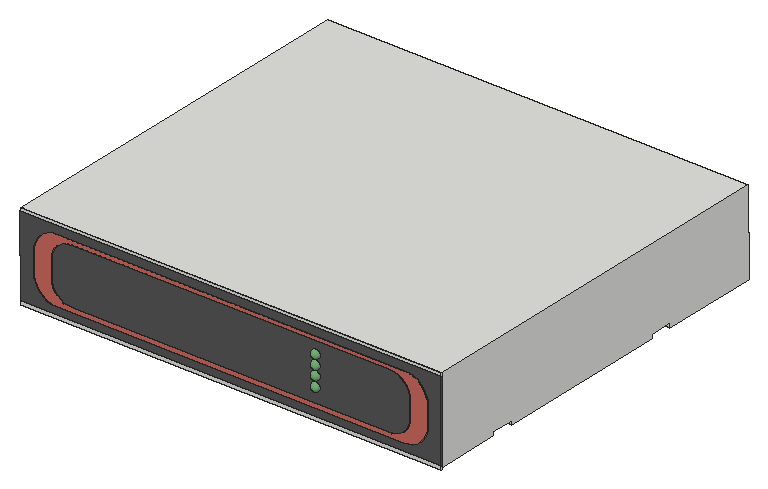
Revit family "Electronics_Expanders_Biamp_Tesira_4-Channel-Input-and-Output_EX-IO__", category Communication Devices, host Face, Revit 2020
Family settings
  Host = Face
  Maintain Annotation Orientation = No
  Round Connector Dimension = Use Diameter
  Part Type = Normal
  OmniClass Number = 23.85.10.11.11
  OmniClass Title = Sound and Signal Devices
  Cut with Voids When Loaded = No
  Shared = No
  Room Calculation Point = No
Parameters (values of type "EX-IO")
  Width = 0' - 8 1/2"
  Weight = 3.00 lbf  # constant formula
  Voltage = 0 V
  Maximum Output = "+24dBu"  # constant formula
  THD+N = "0dB Gain, +4dBu In: < 0.006% at 20Hz~20kHz; 54dB Gain, -50dBu In: < 0.040% at 20Hz~20kHz; "  # constant formula
  Sampling Rate = "48kHz"  # constant formula
  Rotation Angle [instance] = if(or([Nominal RMK-1], [Nominal RMK-2]), 0.00°, 90.00°)  # 90.00°
  Product data url = "https://www.bimobject.com/biamp/product/tesira-ex-io_expander"
  Power Factor = 1
  Phantom Power = "+48 VDC (7mA/input)"  # constant formula
  Offset Entourage X [instance] = if([Nominal RMK-1], 0' 4.4685", if([Nominal RMK-2], 0' 4.46063", if([Nominal UTMK-1], 0' 0", if(Nominal No mount, 0' 0", 0' 0"))))  # 0' - 0"
  UTMK-1 = UTMK-1 : UTMK-1
  URL = "https://www.biamp.com/"
  RMK-2 = RMK-2 : RMK-2
  Product Page URL = "https://www.biamp.com/products/tesira-expanders#tesira-ex-io"
  Product Documentation Link = "https://downloads.biamp.com/assets/docs/default-source/data-sheets/biamp_data_sheet_tesira_ex-in_ex-aec_ex-out_ex-io_feb20.pdf"
  RMK-1 = RMK-1 : RMK-1
  Offset Entourage Y [instance] = if([Nominal RMK-1], 0' 3 7/8", if([Nominal RMK-2], 0' 0 125/128", if([Nominal UTMK-1], 0' 0", if(Nominal No mount, 0' 0", 0' 0"))))  # 0' - 0"
  Offset [instance] = if([Nominal RMK-1], 0' 0", if([Nominal RMK-2], 0' 0 5/64", if([Nominal UTMK-1], 0' 0 9/256", if(Nominal No mount, 0' 0", 0' 0"))))  # 0' - 0"
  Number of Poles = 1  # constant formula
  Nominal UTMK-1 [instance] = Mount Type = [UTMK-1]  # no
  Nominal RMK-2 [instance] = Mount Type = [RMK-2]  # no
  Nominal RMK-1 [instance] = Mount Type = [RMK-1]  # no
  Nominal No mount [instance] = Mount Type = No mount  # yes
  No mount = No mount : No mount
  Mount Type [instance] = No mount : No mount
  Model = "Tesira EX-IO"
  Maximum Input = "+24dBu"  # constant formula
  Max Power Consumption = 0 W
  Manufacturer = "Biamp"  # constant formula
  Input Impedance = "8 kohm (balanced)"  # constant formula
  Input Gain Range = "0 - 66dB at 6dB Steps"  # constant formula
  Housing Material = Biamp - Metal - Silver
  Height = 0' - 1 3/4"
  Frequency Response = "+0/-0.25dB 20Hz~20kHz at +4dBu"  # constant formula
  EIN = "< -125dBu at 20Hz~20kHz, 66dB Gain, 150 ohm"  # constant formula
  Dynamic Range = "> 108dB at 20Hz~20kHz, 0dB"  # constant formula
  Description = "Tesira® EX-IO 4-Channel Input and Output Expanders"  # constant formula
  Depth = 0' - 7 3/4"
  Default Elevation = 4' - 0"
  Cross Talk = "0dB Gain, +4dBu In: < -85dB channel to channel at 1kHz; 54dB Gain, -50dBu In: < -75dB channel to channel at 1kHz; "  # constant formula
  Output Impedance = "200 ohm"  # constant formula
  Connector Description = "PoE+ (IEEE 802.3at Class 4, 30W)"  # constant formula
  Compliance = "FCC Part 15B (USA); CE marked (Europe); UL and C-UL listed (USA & Canada); RCM (Australia); EAC (Eurasian Customs Union); RoHS Directive (Europe)"  # constant formula
  Assembly Code = ""
  Apparent Load = Max Power Consumption / Power Factor  # 0 VA
  A/D - D/A Converters = "24-bit"  # constant formula
Reference planes (in)
  plane 1 "Center (Front/Back)": y = 0
  plane 2: z = 0
  plane 3: x = 0
  plane 4: x = 4.25
  plane 5 "Center (Left/Right)": x = -4.25
  plane 6: y = 3.875
  plane 7: y = -3.875
  plane 8: z = 1.75
  plane 9: y = -3.875
  plane 10: y = -3.7704
  plane 11: y = 3.78125
  plane 12: z = 1.625
  plane 13 "2": z = 0
  plane 14: z = 1.50505
  plane 15: z = 0.30745
  plane 16: z = 1.37426
  plane 17: z = 0.99926
  plane 18: z = 0.88281
  plane 19: z = 0.19602
  plane 20: x = -0.84509
  plane 21: x = 3.69218
  plane 22: x = 3.30135
  plane 23: z = 0.53335
  plane 24: x = -4.70577
  plane 25: x = 13.63823
Lines and regions (in)
  symbolic lines, visible <- "Nominal RMK-1"
    curve 1: line (4.40636, -3.875, 0) -> (13.9683, -3.875, 0)
    curve 2: line (13.9683, -3.78994, 0) -> (4.40636, -3.78994, 0)
    curve 3: line (13.9683, -3.875, 0) -> (13.9683, -3.78994, 0)
  symbolic lines, visible <- "Nominal RMK-2"
    curve 4: line (13.28048, -3.7707, 0) -> (13.28048, -2.78889, 0)
    curve 5: line (13.17557, -2.78889, 0) -> (13.17557, -3.77036, 0)
    curve 6: line (13.17557, -2.78889, 0) -> (13.28048, -2.78889, 0)
    curve 7: arc (13.17557, -3.77036, 0) -> (13.21163, -3.85743, 0) -> (13.2987, -3.89349, 0) r 0.12313
    curve 8: line (13.92601, -3.78889, 0) -> (13.29794, -3.78889, 0)
    curve 9: line (13.92601, -3.89349, 0) -> (13.92601, -3.78889, 0)
    curve 10: line (13.2987, -3.89349, 0) -> (13.92601, -3.89349, 0)
    curve 11: arc (13.28048, -3.7707, 0) -> (13.28555, -3.78331, 0) -> (13.29794, -3.78889, 0) r 0.01821
  reference lines
    curve 12: line (-1.71783, -3.7704, 0) -> (-1.71783, -1.12457, 0)
Dimensions and locks (in)
  "Width": plane 5 "Center (Left/Right)" to plane 4
  equal spacing: plane 5 "Center (Left/Right)", plane 3, plane 4
  equal spacing: plane 7, plane 1 "Center (Front/Back)", plane 6
  "Depth": plane 6 to plane 7
  "Height": plane 8 to plane 13 "2"
  locked: plane 9 to plane 10 at 0.1046
  "Offset": plane 13 "2" to level
  locked: plane 16 to plane 17 at 0.375
  locked: plane 18 to plane 19 at 0.68679
  locked: plane 14 to plane 15 at 1.19761
  locked: plane 19 to plane 13 "2" at 0.19602
  locked: plane 15 to plane 13 "2" at 0.30745
  locked: plane 17 to plane 13 "2" at 0.99926
  locked: plane 12 to plane 13 "2" at 1.625
  plane 23 to plane 13 "2" = 0' - 0.53335"
  "Offset Entourage X": nested 1 to plane 3
  plane 8 to plane 13 "2" = 0' - 1 3/4"
  "Rotation Angle": angle curve 12 to plane 10
  aligned and locked: plane 2 to host face
  aligned and locked: level to host face
  aligned and locked: plane 5 "Center (Left/Right)" to nested 2
  aligned and locked: plane 4 to nested 2
  aligned and locked: plane 2 to curve 12
  aligned and locked: plane 10 to curve 12
Automatic sketch dimensions
  plane 7 to curve 1 = 0' - 0"
  curve 6 to plane 10 = 0' - 0.98151"
  curve 5 to curve 4 = 0' - 0.10491"
  curve 4 to curve 8 = 0' - 0.01746"
  plane 10 to curve 11 = 0' - 0.0003"
  curve 4 to curve 11 = 0' - 0.01821"
  curve 7 to plane 10 = 0' - 0.00004"
  curve 11 to curve 7 = 0' - 0"
  curve 7 to curve 10 = 0' - 0.62731"
  curve 9 to curve 3 = 0' - 0.04229"
  plane 10 to curve 3 = 0' - 0 5/256"
  host sketch curve to host sketch curve = 5' - 9.9283"
  host sketch curve to host sketch curve = 5' - 9.30298"
  plane 4 to curve 6 = 0' - 8.92557"
  plane 4 to curve 1 = 0' - 0.15636"
  curve 2 to curve 1 = 0' - 0"
Nested families (in)
  nested 1: "No mount" at (0, -3.875, 0), type <- "Mount Type", type "No mount"
  nested 2: "TESIRA EX" at (0, 0.06349, 0) x (-1, 0, 0) z (0, 0, 1), Offset <- "Offset", type "EX-AEC"
    with Offset 0' - 0"
Connectors (in)
  electrical at (3.14164, 3.90146, 0.57718), driven by "Number of Poles", driven by "Voltage", driven by "Apparent Load", driven by "Power Factor", driven by "Connector Description"
    settings: on nested 2, index 1, voltage 0 V, apparent load 0 VA, apparent load phase1 0 VA, apparent load phase2 0 VA, apparent load phase3 0 VA, power factor 1, load classification "Other", number of poles 1, system type 31, power factor state 1, is connector primary yes, connector utility no, sub classification motor no, connector description "PoE+ (IEEE 802.3at Class 4, 30W)"
  electrical at (0.3104, 3.90146, 1.1626)
    settings: on nested 2, index 2, voltage 0 V, apparent load 0 VA, apparent load phase1 0 VA, apparent load phase2 0 VA, apparent load phase3 0 VA, power factor 1, load classification "Other", number of poles 1, system type 5, power factor state 1, is connector primary no, connector utility no, sub classification motor no, connector description "Outputs"
  electrical at (-0.55834, 3.90146, 1.1626)
    settings: on nested 2, index 3, voltage 0 V, apparent load 0 VA, apparent load phase1 0 VA, apparent load phase2 0 VA, apparent load phase3 0 VA, power factor 1, load classification "Other", number of poles 1, system type 5, power factor state 1, is connector primary no, connector utility no, sub classification motor no, connector description "Outputs"
  electrical at (-1.70834, 3.90146, 1.1626)
    settings: on nested 2, index 4, voltage 0 V, apparent load 0 VA, apparent load phase1 0 VA, apparent load phase2 0 VA, apparent load phase3 0 VA, power factor 1, load classification "Other", number of poles 1, system type 5, power factor state 1, is connector primary no, connector utility no, sub classification motor no, connector description "Mic/Line Input"
  electrical at (-2.57584, 3.90146, 1.1626)
    settings: on nested 2, index 5, voltage 0 V, apparent load 0 VA, apparent load phase1 0 VA, apparent load phase2 0 VA, apparent load phase3 0 VA, power factor 1, load classification "Other", number of poles 1, system type 5, power factor state 1, is connector primary no, connector utility no, sub classification motor no, connector description "Mic/Line Input"
Definition of nested family "TESIRA EX"
  Parameters (values of type "EX-OUT")
    URL = "https://www.biamp.com"
    Product Page URL = "https://www.biamp.com/products/tesira-expanders#tesira-ex-out"
    Product Documentation Link = "https://downloads.biamp.com/assets/docs/default-source/data-sheets/biamp_data_sheet_tesira_ex-in_ex-aec_ex-out_ex-io_feb20.pdf?sfvrsn=62e9f2f1_8"
    Offset [instance] = 0' - 0"
    Model = ""
    Material Case = none
    Manufacturer = ""
    Description = ""
    Default Elevation = 4' - 0"
    Assembly Code = "D5010.70"
  Types (4): name | Product Page URL
    EX-IN | "https://www.biamp.com/products/tesira-expanders#tesira-ex-out"
    EX-AEC | "https://www.biamp.com/products/tesira-expanders#tesira-ex-aec"
    EX-IO | "https://www.biamp.com/products/tesira-expanders#tesira-ex-io"
    EX-OUT | "https://www.biamp.com/products/tesira-expanders#tesira-ex-out"
  Reference planes (in)
    plane 1 "Center (Front/Back)": y = 0
    plane 2: z = 0
    plane 3 "Center (Left/Right)": x = 0
    plane 4: x = 4.25
    plane 5: x = -4.25
    plane 6: y = 3.875
    plane 7: y = -3.875
    plane 8: z = 1.75
    plane 9: y = -3.875
    plane 10: y = -3.75086
    plane 11: y = 3.78125
    plane 12 "1": x = -1.71783
    plane 13: y = 3.66314
    plane 14: x = -5.23425
    plane 15: z = 1.625
    plane 16: x = 5.23425
    plane 17 "2": z = 0
    plane 18: z = 1.50505
    plane 19: z = 0.30745
    plane 20: z = 1.37426
    plane 21: z = 0.99926
    plane 22: z = 0.88281
    plane 23: z = 0.19602
    plane 24: x = -0.84509
    plane 25: x = 3.69218
    plane 26: x = 3.30135
    plane 27: z = 0.53335
    plane 28: z = 0.0359
    plane 29: z = 0
  Forms (in)
    Extrusion 1, solid
      sketch origin (7.75, -5.25086, 0) x (1, 0, 0) y (0, 1, 0)
        loop
          line (-42.75, 40.25086) -> (-42.75, -29.05212) -> (27.1783, -29.05212) -> (27.1783, 40.25086) -> (-42.75, 40.25086)
      from 0 to -12
    Revolve 2, solid, detail levels fine
      sketch origin (-1.71783, 0, 0) x (0, 1, 0) y (0, 0, 1)
        loop
          line (3.875, 1.28781) -> (3.875, 1.12625)
          arc (3.875, 1.12625) -> (3.95578, 1.20703) -> (3.875, 1.28781) r 0.08078
        loop
          line (3.875, 1.0958) -> (3.875, 0.93174)
          arc (3.875, 0.93174) -> (3.95703, 1.01377) -> (3.875, 1.0958) r 0.08203
        loop
          line (3.875, 0.90124) -> (3.875, 0.73718)
          arc (3.875, 0.73718) -> (3.95703, 0.81921) -> (3.875, 0.90124) r 0.08203
        loop
          line (3.875, 0.69741) -> (3.875, 0.53335)
          arc (3.875, 0.53335) -> (3.95703, 0.61538) -> (3.875, 0.69741) r 0.08203
        axis (3.875, 1.28781) -> (3.875, 0.53335)
      angle from 270 to 450
    Extrusion 3, solid, material <- "Material Case", detail levels coarse
      sketch origin (0, 0, 0) x (-1, 0, 0) y (0, -1, 0)
        loop
          line (-4.25, 3.875) -> (-4.25, -3.875) -> (4.25, -3.875) -> (4.25, 3.875) -> (-4.25, 3.875)
      from 0.0359 to 1.75
    Extrusion 4, solid, material <- "Material Case", detail levels medium+fine
      sketch origin (0, 0, 0) x (-1, 0, 0) y (0, -1, 0)
        loop
          line (-4.25, 3.875) -> (-4.25, -3.85984) -> (4.25, -3.85984) -> (4.25, 3.875) -> (-4.25, 3.875)
      from 0.0359 to 1.75
    Extrusion 5, solid, detail levels medium+fine
      sketch origin (0, 0, 0) x (-1, 0, 0) y (0, 0, 1)
        loop
          line (-4.25, 1.69704) -> (-4.25, 0.06741) -> (4.25, 0.06741) -> (4.25, 1.69704) -> (-4.25, 1.69704)
        loop
          arc (-3.4999, 1.53477) -> (-3.84144, 1.3933) -> (-3.9829, 1.05176) r 0.48301
          line (-3.9829, 1.05176) -> (-3.9829, 0.70476)
          arc (-3.9829, 0.70476) -> (-3.84144, 0.36323) -> (-3.49991, 0.22176) r 0.483
          line (-3.49991, 0.22176) -> (3.49912, 0.22176)
          arc (3.49912, 0.22176) -> (3.84064, 0.36322) -> (3.98211, 0.70475) r 0.48299
          line (3.98211, 0.70475) -> (3.98211, 1.05176)
          arc (3.98211, 1.05176) -> (3.84064, 1.3933) -> (3.4991, 1.53477) r 0.48301
          line (3.4991, 1.53477) -> (-3.4999, 1.53477)
      from 3.85984 to 3.875
    Extrusion 6, solid, detail levels medium+fine
      sketch origin (-0.04049, 0, 0.02934) x (-1, 0, 0) y (0, 0, 1)
        loop
          line (3.45861, 1.50543) -> (-3.54039, 1.50543)
          arc (-3.54039, 1.50543) -> (-3.88193, 1.36396) -> (-4.0234, 1.02243) r 0.48301
          line (-4.0234, 1.02243) -> (-4.0234, 0.67542)
          arc (-4.0234, 0.67542) -> (-3.88193, 0.33389) -> (-3.5404, 0.19242) r 0.483
          line (-3.5404, 0.19242) -> (3.45862, 0.19242)
          arc (3.45862, 0.19242) -> (3.80015, 0.33389) -> (3.94162, 0.67542) r 0.48299
          line (3.94162, 0.67542) -> (3.94162, 1.02243)
          arc (3.94162, 1.02243) -> (3.80015, 1.36396) -> (3.45861, 1.50543) r 0.48301
        loop
          arc (-3.25038, 1.42543) -> (-3.54242, 1.30446) -> (-3.66339, 1.01242) r 0.41301
          line (-3.66339, 1.01242) -> (-3.66339, 0.68543)
          arc (-3.66339, 0.68543) -> (-3.54242, 0.39339) -> (-3.25038, 0.27242) r 0.41301
          line (-3.25038, 0.27242) -> (3.1686, 0.27242)
          arc (3.1686, 0.27242) -> (3.46065, 0.39339) -> (3.58162, 0.68543) r 0.41301
          line (3.58162, 0.68543) -> (3.58162, 1.01242)
          arc (3.58162, 1.01242) -> (3.46065, 1.30446) -> (3.16861, 1.42543) r 0.413
          line (3.16861, 1.42543) -> (-3.25038, 1.42543)
      from 3.85984 to 3.875
    Extrusion 7, solid, detail levels medium+fine
      sketch origin (-0.04049, 0, 0.02934) x (-1, 0, 0) y (0, 0, 1)
        loop
          arc (3.58162, 1.01242) -> (3.46065, 1.30446) -> (3.16861, 1.42543) r 0.413
          line (3.16861, 1.42543) -> (-3.25038, 1.42543)
          arc (-3.25038, 1.42543) -> (-3.54242, 1.30446) -> (-3.66339, 1.01242) r 0.41301
          line (-3.66339, 1.01242) -> (-3.66339, 0.68543)
          arc (-3.66339, 0.68543) -> (-3.54242, 0.39339) -> (-3.25038, 0.27242) r 0.41301
          line (-3.25038, 0.27242) -> (3.1686, 0.27242)
          arc (3.1686, 0.27242) -> (3.46065, 0.39339) -> (3.58162, 0.68543) r 0.41301
          line (3.58162, 0.68543) -> (3.58162, 1.01242)
      from 3.85984 to 3.875
    Extrusion 8, solid, material <- "Material Case", detail levels medium+fine
      sketch origin (0, 0, 0) x (-1, 0, 0) y (0, 0, 1)
        loop
          line (-4.25, 1.69704) -> (4.25, 1.69704) -> (4.25, 1.75) -> (-4.25, 1.75) -> (-4.25, 1.69704)
        loop
          line (4.25, 0.06741) -> (-4.25, 0.06741) -> (-4.25, 0) -> (4.25, 0) -> (4.25, 0.06741)
      from 3.85984 to 3.875
    Extrusion 9, void
      sketch origin (0, 0, 0) x (0, -1, 0) y (0, 0, 1)
        loop
          line (-2.57251, 0.11558) -> (-2.57251, 0) -> (-2.10251, 0) -> (-2.10251, 0.11558) -> (-2.57251, 0.11558)
      from 3.70572 to 4.25
    Extrusion 10, void
      sketch origin (0, -4, 0) x (0, -1, 0) y (0, 0, 1)
        loop
          line (-2.57251, 0.11558) -> (-2.57251, 0) -> (-2.10251, 0) -> (-2.10251, 0.11558) -> (-2.57251, 0.11558)
      from 3.70572 to 4.25
    Extrusion 11, void
      sketch origin (0, 0, 0) x (0, -1, 0) y (0, 0, -1)
        loop
          line (-2.57251, -0.11558) -> (-2.10251, -0.11558) -> (-2.10251, 0) -> (-2.57251, 0) -> (-2.57251, -0.11558)
      from 3.70572 to 4.25
    Extrusion 12, void
      sketch origin (0, -4, 0) x (0, -1, 0) y (0, 0, -1)
        loop
          line (-2.57251, -0.11558) -> (-2.10251, -0.11558) -> (-2.10251, 0) -> (-2.57251, 0) -> (-2.57251, -0.11558)
      from 3.70572 to 4.25
    Extrusion 13, void
      sketch origin (-0.07164, -7.70634, 0) x (-1, 0, 0) y (0, 0, -1)
        loop
          line (3.42, -0.85261) -> (3.42, -0.30176) -> (2.72, -0.30176) -> (2.72, -0.85261) -> (3.42, -0.85261)
        loop
          line (0.61376, -1.3876) -> (0.61376, -0.9376) -> (-0.13624, -0.9376) -> (-0.13624, -1.3876) -> (0.61376, -1.3876)
        loop
          line (-0.25497, -1.3876) -> (-0.25497, -0.9376) -> (-1.00497, -0.9376) -> (-1.00497, -1.3876) -> (-0.25497, -1.3876)
        loop
          line (-2.27247, -1.3876) -> (-2.27247, -0.9376) -> (-3.02247, -0.9376) -> (-3.02247, -1.3876) -> (-2.27247, -1.3876)
        loop
          line (-1.40498, -1.3876) -> (-1.40498, -0.9376) -> (-2.15498, -0.9376) -> (-2.15498, -1.3876) -> (-1.40498, -1.3876)
      from -3.79859 to -3.86836
  Cuts and joins
    Extrusion 9, Extrusion 10, Extrusion 11, Extrusion 12, Extrusion 13 cuts Extrusion 4
  Lines and regions (in)
    Masking region 1
      outline origin (0, 0, 0) x (1, 0, 0) y (0, 1, 0)
        loop
          line (-4.25, 3.875) -> (-4.25, -3.875) -> (4.25, -3.875) -> (4.25, 3.875) -> (-4.25, 3.875)
  Dimensions and locks (in)
    plane 5 to plane 4 = 0' - 8 1/2"
    equal spacing: plane 5, plane 3 "Center (Left/Right)", plane 4
    equal spacing: plane 7, plane 1 "Center (Front/Back)", plane 6
    plane 6 to plane 7 = 0' - 7 3/4"
    plane 8 to plane 17 "2" = 0' - 1 3/4"
    locked: plane 6 to plane 11 at 0.09375
    locked: plane 9 to plane 10 at 0.12414
    locked: plane 11 to plane 13 at 0.11811
    locked: plane 14 to plane 5 at 0.98425
    locked: plane 4 to plane 16 at 0.98425
    "Offset": plane 17 "2" to level
    locked: plane 20 to plane 21 at 0.375
    locked: plane 22 to plane 23 at 0.68679
    locked: plane 18 to plane 19 at 1.19761
    locked: plane 23 to plane 17 "2" at 0.19602
    locked: plane 19 to plane 17 "2" at 0.30745
    locked: plane 21 to plane 17 "2" at 0.99926
    locked: plane 15 to plane 17 "2" at 1.625
    plane 27 to plane 17 "2" = 0' - 0.53335"
    locked: plane 28 to plane 29 at 0.0359
    locked: plane 23 to plane 28 at 0.16012
    aligned and locked: plane 2 to Extrusion 1
    aligned and locked: level to Extrusion 1
    aligned and locked: plane 27 to Revolve 2 sketch curve
    aligned and locked: Extrusion 5 to Extrusion 4
    aligned and locked: Extrusion 8 to plane 29
    aligned and locked: plane 8 to Extrusion 4
    aligned and locked: Extrusion 4 to plane 28
    aligned and locked: Extrusion 3 to plane 28
    aligned and locked: Extrusion 5 to Extrusion 8
  Automatic sketch dimensions
    Extrusion 1 sketch curve to Extrusion 1 sketch curve = 5' - 9.9283"
    Extrusion 1 sketch curve to Extrusion 1 sketch curve = 5' - 9.30298"
    Revolve 2 sketch curve to plane 6 = 0' - 0"  (x5)
    Revolve 2 sketch curve to Revolve 2 sketch curve = 0' - 0 21/256"  (x2)
    Revolve 2 sketch curve to Revolve 2 sketch curve = 0' - 0.03977"
    Revolve 2 sketch curve to Revolve 2 sketch curve = 0' - 0.0305"
    Revolve 2 sketch curve to plane 21 = 0' - 0.01451"
    Revolve 2 sketch curve to Revolve 2 sketch curve = 0' - 0.03044"
    Revolve 2 sketch curve to Revolve 2 sketch curve = 0' - 0.08078"
    Revolve 2 sketch curve to plane 19 = 0' - 0.00874"
    plane 20 to Revolve 2 sketch curve = 0' - 0.06424"
    Extrusion 3 sketch curve to plane 4 = 0' - 0"
    Extrusion 3 sketch curve to plane 5 = 0' - 0"
    Extrusion 3 sketch curve to plane 6 = 0' - 0"
    plane 7 to Extrusion 3 sketch curve = 0' - 0"
    Extrusion 4 sketch curve to plane 4 = 0' - 0"
    Extrusion 4 sketch curve to plane 5 = 0' - 0"
    plane 7 to Extrusion 4 sketch curve = 0' - 0"
    Extrusion 4 sketch curve to plane 6 = 0' - 0.01516"
    Extrusion 5 sketch curve to plane 4 = 0' - 0"
    plane 5 to Extrusion 5 sketch curve = 0' - 0"
    Extrusion 5 sketch curve to plane 8 = 0' - 0.05296"
    Extrusion 5 sketch curve to plane 21 = 0' - 0.0525"  (x2)
    Extrusion 5 sketch curve to plane 4 = 0' - 0.2671"
    plane 25 to Extrusion 5 sketch curve = 0' - 0.19228"
    plane 25 to Extrusion 5 sketch curve = 0' - 0.19229"
    Extrusion 5 sketch curve to plane 5 = 0' - 0.7509"
    plane 23 to Extrusion 5 sketch curve = 0' - 0.02574"
    Extrusion 5 sketch curve to plane 5 = 0' - 0.75088"
    plane 28 to Extrusion 5 sketch curve = 0' - 0.03151"
    Extrusion 6 sketch curve to plane 21 = 0' - 0.0525"
    Extrusion 6 sketch curve to plane 4 = 0' - 0.2671"
    plane 25 to Extrusion 6 sketch curve = 0' - 0.06929"
    plane 23 to Extrusion 6 sketch curve = 0' - 0.02574"
    plane 25 to Extrusion 6 sketch curve = 0' - 0.19228"
    Extrusion 6 sketch curve to Extrusion 6 sketch curve = 0' - 0.123"
    Extrusion 6 sketch curve to plane 26 = 0' - 0.09146"  (x2)
    Extrusion 6 sketch curve to plane 21 = 0' - 0.04249"
    plane 19 to Extrusion 6 sketch curve = 0' - 0.00569"
    Extrusion 6 sketch curve to plane 5 = 0' - 1.0409"
    Extrusion 6 sketch curve to Extrusion 6 sketch curve = 0' - 0"
    Extrusion 6 sketch curve to Extrusion 6 sketch curve = 0' - 0.29"
    Extrusion 6 sketch curve to Extrusion 6 sketch curve = 0' - 0.29002"
    Extrusion 6 sketch curve to Extrusion 6 sketch curve = 0' - 0.12299"
    Extrusion 6 sketch curve to plane 27 = 0' - 0.1714"
    plane 25 to Extrusion 7 sketch curve = 0' - 0.06929"
    Extrusion 7 sketch curve to plane 21 = 0' - 0.04249"
    Extrusion 7 sketch curve to plane 26 = 0' - 0.09146"  (x2)
    plane 19 to Extrusion 7 sketch curve = 0' - 0.00569"
    plane 22 to Extrusion 7 sketch curve = 0' - 0.16805"
    Extrusion 7 sketch curve to plane 5 = 0' - 1.0409"
    Extrusion 7 sketch curve to Extrusion 7 sketch curve = 0' - 0.413"
    Extrusion 8 sketch curve to plane 4 = 0' - 0"  (x2)
    plane 5 to Extrusion 8 sketch curve = 0' - 0"  (x2)
    level to Extrusion 8 sketch curve = 0' - 0"
    Extrusion 8 sketch curve to plane 8 = 0' - 0"
    plane 28 to Extrusion 8 sketch curve = 0' - 0.03151"
    Extrusion 8 sketch curve to plane 8 = 0' - 0.05296"
    Extrusion 9 sketch curve to level = 0' - 0"
    plane 28 to Extrusion 9 sketch curve = 0' - 0.07968"
    Extrusion 9 sketch curve to plane 13 = 0' - 1.09063"
    Extrusion 9 sketch curve to Extrusion 9 sketch curve = 0' - 0.47"
    Extrusion 10 sketch curve to level = 0' - 0"
    plane 28 to Extrusion 10 sketch curve = 0' - 0.07968"
    plane 1 "Center (Front/Back)" to Extrusion 10 sketch curve = 0' - 1.42749"
    Extrusion 10 sketch curve to Extrusion 10 sketch curve = 0' - 0.47"
    Extrusion 11 sketch curve to level = 0' - 0"
    plane 28 to Extrusion 11 sketch curve = 0' - 0.07968"
    Extrusion 11 sketch curve to plane 13 = 0' - 1.09063"
    Extrusion 11 sketch curve to Extrusion 11 sketch curve = 0' - 0.47"
    Extrusion 12 sketch curve to level = 0' - 0"
    plane 28 to Extrusion 12 sketch curve = 0' - 0.07968"
    plane 1 "Center (Front/Back)" to Extrusion 12 sketch curve = 0' - 1.42749"
    Extrusion 12 sketch curve to Extrusion 12 sketch curve = 0' - 0.47"
    Extrusion 13 sketch curve to plane 26 = 0' - 0.35051"
    Extrusion 13 sketch curve to plane 19 = 0' - 0.63015"  (x4)
    Extrusion 13 sketch curve to Extrusion 13 sketch curve = 0' - 0 3/4"
    Extrusion 13 sketch curve to Extrusion 13 sketch curve = 0' - 0.11749"
    plane 3 "Center (Left/Right)" to Extrusion 13 sketch curve = 0' - 1.33334"
    Extrusion 13 sketch curve to Extrusion 13 sketch curve = 0' - 0.4"
    Extrusion 13 sketch curve to plane 22 = 0' - 0.50479"  (x4)
    plane 24 to Extrusion 13 sketch curve = 0' - 1.02842"
    Extrusion 13 sketch curve to Extrusion 13 sketch curve = 0' - 0.11873"
    plane 12 "1" to Extrusion 13 sketch curve = 0' - 1.03243"
    plane 22 to Extrusion 13 sketch curve = 0' - 0.03021"
    plane 19 to Extrusion 13 sketch curve = 0' - 0.00569"
    Extrusion 13 sketch curve to plane 5 = 0' - 0.75836"
    Extrusion 13 sketch curve to Extrusion 13 sketch curve = 0' - 0.70001"
    Masking region 1 sketch curve to plane 5 = 0' - 0"
    Masking region 1 sketch curve to plane 4 = 0' - 0"
    plane 7 to Masking region 1 sketch curve = 0' - 0"
    Masking region 1 sketch curve to plane 6 = 0' - 0"
Definition of nested family "No mount"
  Parameters (values of type "No mount")
    Material Plenum Box = none
    Height = 1' - 0"
    Default Elevation = 4' - 0"
  Reference planes (in)
    plane 1 "Center (Front/Back)": y = 0
    plane 2: z = 0
    plane 3 "Center (Left/Right)": x = 0
    plane 4: x = -6
    plane 5: x = 6
    plane 6: y = 6
    plane 7: y = -6
    plane 8: z = 4.11483
    plane 9: z = 4.6
    plane 10: y = 4.65
    plane 11: y = -4.65
    plane 12: x = -4.525
    plane 13: x = 4.525
  Dimensions and locks (in)
    equal spacing: plane 4, plane 3 "Center (Left/Right)", plane 5
    equal spacing: plane 6, plane 1 "Center (Front/Back)", plane 7
    plane 4 to plane 5 = 1' - 0"
    "Height": plane 6 to plane 7
    plane 8 to level = 0' - 4.11483"
    plane 9 to plane 8 = 0' - 0.48517"
    equal spacing: plane 10, plane 1 "Center (Front/Back)", plane 11
    equal spacing: plane 12, plane 3 "Center (Left/Right)", plane 13
    aligned and locked: plane 2 to level
